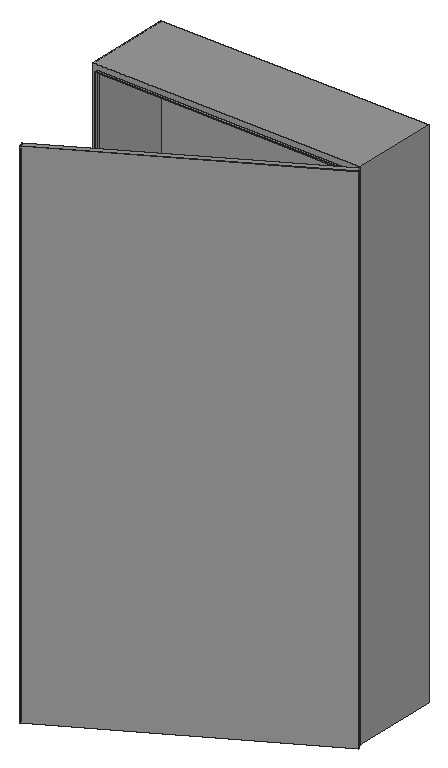
Revit family "Hager-Univers-IP55-D275-H1550-Cl.II-Steel_encl-NoHosted-SE-en", category Equipement électrique, Revit 2020
Family settings
  Configuration du panneau = Deux colonnes, circuits au sein
  Cote de connecteur circulaire = Utiliser le diamètre
  Type d'élément = Tableau de raccordement
  Basée sur le plan de construction = Oui
  Toujours verticalement = Oui
  Couper avec des vides une fois chargée = Non
  Partagée = Non
  Point de calcul de pièce = Non
Parameters (values of type "Surface mounted (plaster) IP55 W800 H1550 D275  - FR03S")
  Width Control [instance] = if([EF000008 - Width] > Min Width, [EF000008 - Width], Min Width)  # 800 mm
  Commentaires du type = [HG000003 - Range]  # "Univers"
  Thickness Door [instance] = if([EF009171 - Material plate thickness door/cover] > 3 mm, 3 mm, [EF009171 - Material plate thickness door/cover])  # 1.5 mm
  Seal Frame Offset [instance] = 17 mm  # constant formula
  Plinth Visibility [instance] = [HG000027 - Plinth height] > 0 mm  # no
  Min Width [instance] = 100 mm  # constant formula
  Min Depth [instance] = (2 * [EF009170 - Material plate thickness cabinet]) + 1 mm  # 4 mm
  Min Height [instance] = 100 mm  # constant formula
  Internal Frame Depth [instance] = (Door System Depth * 0.5)  # 9 mm
  Panel Name [instance] = ""  # (empty or 0)
  Model = ""
  HG000027 - Plinth height = 0 mm
  HG000026 - Floor standing = no
  HG000024 - Bottom section height = 600 mm
  HG000023 - Double section enclosure = no
  HG000016 - Door 3d visibility [instance] = yes
  HG000015 - Clearance visibility [instance] = no
  HG000014 - Door on the right [instance] = yes
  HG000013 - Door on the left [instance] = not([HG000014 - Door on the right])  # no
  HG000012 - Door swing angle [instance] = 30.00°
  HG000010 - Asymmetric doors = no
  HG000009 - Double swing door = no
  HG000006 - Flush mounted = no
  HG000004 - Manufacturer reference = "FR03S"
  HG000003 - Range = "Univers"
  HG000002 - With door or cover = yes
  Frame Offset Bottom [instance] = 10 mm  # constant formula
  Frame Offset [instance] = 15 mm  # constant formula
  EF015940 - Cover with overpressure release = no
  EF011959 - Degree of protection (NEMA) = ""
  EF009554 - Number of openings for flange plates = 6
  EF009212 - Cover model = "EV000116 - Closed"
  EF009171 - Material plate thickness door/cover = 1.5 mm
  EF009170 - Material plate thickness cabinet = 1.5 mm
  EF008873 - Nominal current (In) = 800 A
  EF007800 - Suitable for lightning protection = no
  EF006306 - With lock = no
  EF006244 - Transparent cover/door = no
  EF005474 - Degree of protection (IP) = "EV006420 - IP55"
  EF004464 - Type of door = "EV002646 - Single"
  EF004427 - Number of modules = 360
  EF004293 - Impact strength = "EV008784 - IK10"
  EF003532 - Suitable for outdoor use = no
  EF002950 - Width in number of modular spacings = 24
  EF001613 - Circuit integrity = "EV000494 - None"
  EF001596 - Material housing = "EV000179 - Steel"
  EF001131 - Internal depth = 275 mm
  EF001088 - Extension possible = yes
  EF000437 - Number of conduit inlets = 6
  EF000339 - Type of cover = "EV004216 - Door"
  EF000266 - Number of rows = 10
  EF000218 - Built-in depth = 0 mm
  EF000118 - With mounting plate = no
  EF000116 - RAL-number = "7035"
  EF000049 - Depth = 275 mm
  EF000040 - Height = 1550 mm
  EF000008 - Width = 800 mm
  EF000007 - Colour = "EV000270 - Grey"
  EF000003 - Mounting method = "EV000384 - Surface mounted (plaster)"
  Door System Leaf Tolerance [instance] = 1.5 mm  # constant formula
  Door System Depth [instance] = 18 mm  # constant formula
  Door Height [instance] = Height Control - [HG000027 - Plinth height]  # 1550 mm
  Description = ""
  Default Elevation = 1219.2 mm
  Connector Offset [instance] = Height Control / 2  # 775 mm
  Fabricant = "Hager"  # constant formula
  Height Control [instance] = if([EF000040 - Height] > Min Height, [EF000040 - Height], Min Height)  # 1550 mm
  Depth Control [instance] = if([EF000049 - Depth] > Min Depth, [EF000049 - Depth], Min Depth)  # 275 mm
  Bottom Top Plate Trim [instance] = 1.5 mm  # constant formula
  Plinth height Ctrl [instance] = if([HG000027 - Plinth height] > 0 mm, [HG000027 - Plinth height], 12 mm)  # 12 mm
Types (5, lengths in mm): name | Width Control | HG000010 - Asymmetric doors | HG000009 - Double swing door | HG000004 - Manufacturer reference | EF009554 - Number of openings for flange plates | EF004464 - Type of door | EF004427 - Number of modules | EF000437 - Number of conduit inlets | EF000008 - Width
  Surface mounted (plaster) IP55 W1050 H1550 D275  - FR04S | 1050 | no | yes | "FR04S" | 8 | "EV003602 - Double" | 480 | 8 | 1050
  Surface mounted (plaster) IP55 W1300 H1550 D275  - FR05S | 1300 | yes | yes | "FR05S" | 10 | "EV003602 - Double" | 600 | 10 | 1300
  Surface mounted (plaster) IP55 W300 H1550 D275  - FR01S | 300 | no | no | "FR01S" | 2 | "EV002646 - Single" | 120 | 2 | 300
  Surface mounted (plaster) IP55 W550 H1550 D275  - FR02S | 550 | no | no | "FR02S" | 4 | "EV002646 - Single" | 240 | 4 | 550
  Surface mounted (plaster) IP55 W800 H1550 D275  - FR03S | 800 | no | no | "FR03S" | 6 | "EV002646 - Single" | 360 | 6 | 800
Reference planes
  plane 1 "Center (Front/Back)": y = 0
  plane 2: z = 0
  plane 3 "Center (Left/Right)": x = 0
  plane 4: y = 0
  plane 5: y = 0
  plane 6: z = 0
  plane 7: x = -400
  plane 8: x = 400
  plane 9: x = 398.5
  plane 10: x = -398.5
  plane 11: z = 0
  plane 12: z = 1.5
  plane 13: y = -275
  plane 14: y = -1.5
  plane 15: x = 0
  plane 16: y = -257
  plane 17: y = -273.5
  plane 18: y = -255.5
  plane 19: x = -383.5
  plane 20: x = 383.5
  plane 21: z = 11.5
  plane 22: x = -383
  plane 23: x = 383
  plane 24: z = 0
  plane 25: z = 1550
  plane 26: z = 1550
  plane 27: z = 1533.5
  plane 28: z = 1548.5
Forms (mm)
  Extrusion 1, solid, material "Hager_Steel_RAL7035_Light_Grey", detail levels medium+fine
    sketch origin (-208.679, -4572, 0) x (-1, 0, 0) y (0, -1, 0)
      loop
        line (191.321, -4315) -> (-608.679, -4315) -> (-608.679, -4572) -> (191.321, -4572) -> (191.321, -4315)
    from 0 to 1550
  Extrusion 2, void
    sketch origin (-350.771, -275, 1219.2) x (1, 0, 0) y (0, 0, 1)
      loop
        line (-47.729, 329.3) -> (-47.729, -1217.7) -> (749.271, -1217.7) -> (749.271, 329.3) -> (-47.729, 329.3)
    from -19.5 to -273.5
  Extrusion 3, void
    sketch origin (-290.084, -257, 1219.2) x (1, 0, 0) y (0, 0, 1)
      loop
        line (-93.416, -1207.7) -> (673.584, -1207.7) -> (673.584, 314.3) -> (-93.416, 314.3) -> (-93.416, -1207.7)
    from 0 to -1.5
  Extrusion 4, solid, material "Hager_Steel_RAL7035_Light_Grey", visible <- "Plinth Visibility", detail levels medium+fine
    sketch origin (0, 0, 0) x (1, 0, 0) y (0, 1, 0)
      loop
        line (-400, 0) -> (-400, -257) -> (400, -257) -> (400, 0) -> (-400, 0)
    from 0 to 12 <- "Plinth height Ctrl"
  Extrusion 5, solid, material "Hager_Steel_RAL7035_Light_Grey", detail levels coarse
    sketch origin (0, 0, 0) x (1, 0, 0) y (0, 1, 0)
      loop
        line (-400, 0) -> (-400, -275) -> (400, -275) -> (400, 0) -> (-400, 0)
    from 0 to 1550 <- "Height Control"
  Sweep 6, void
    path in 3D
      loop
        line (-400, -257, 12) -> (400, -257, 12) -> (400, 0, 12) -> (-400, 0, 12) -> (-400, -257, 12)
    profile origin (-400, -128.5, 12) x (1, 0, 0) y (0, 0, 1)
      loop
        line (0, 0) -> (0, -1.5) -> (1.5, -1.5)
        arc (1.5, -1.5) -> (1.061, -0.439) -> (0, 0) r 1.5
  Extrusion 7, solid, material "Hager_Steel_RAL7035_Light_Grey", detail levels fine
    sketch origin (-400, -257, 0) x (1, 0, 0) y (0, 0, 1)
      loop
        line (16.5, 11.5) -> (783.5, 11.5) -> (783.5, 1533.5) -> (16.5, 1533.5) -> (16.5, 11.5)
      loop
        line (15, 10) -> (785, 10) -> (785, 1535) -> (15, 1535) -> (15, 10)
    from 0 to 9 <- "Internal Frame Depth"
Cuts and joins
  Extrusion 2, Extrusion 3 cuts Extrusion 1
  Sweep 6 cuts Extrusion 4
Lines and regions (mm)
  Masking region 1
    outline origin (0, 0, 0) x (1, 0, 0) y (0, 1, 0)
      loop
        line (-400, 0) -> (-400, -275) -> (400, -275) -> (400, 0) -> (-400, 0)
  Masking region 2, detail levels coarse
    outline origin (-290.084, -257, 1219.2) x (-1, 0, 0) y (0, 0, 1)
      loop
        line (-690.084, -1219.2) -> (109.916, -1219.2) -> (109.916, 330.8) -> (-690.084, 330.8) -> (-690.084, -1219.2)
  Masking region 3, detail levels coarse
    outline origin (0, 0, 0) x (0, 1, 0) y (0, 0, 1)
      loop
        line (0, 0) -> (0, 1550) -> (-275, 1550) -> (-275, 0) -> (0, 0)
  Masking region 4, visible <- "Plinth Visibility", detail levels medium+fine
    outline origin (0, 0, 0) x (0, 1, 0) y (0, 0, 1)
      loop
        line (-1.5, 12) -> (-255.5, 12)
        arc (-255.5, 12) -> (-255.939, 10.939) -> (-257, 10.5) r 1.5
        line (-257, 10.5) -> (-257, 0) -> (0, 0) -> (0, 10.5)
        arc (0, 10.5) -> (-1.061, 10.939) -> (-1.5, 12) r 1.5
  Masking region 5, detail levels medium+fine
    outline origin (0, 0, 594.038) x (0, 1, 0) y (0, 0, 1)
      loop
        line (0, -594.038) -> (0, 955.962) -> (-257, 955.962) -> (-257, -594.038) -> (0, -594.038)
  Masking region 6, detail levels medium+fine
    outline origin (-359.7, -257, 1211.883) x (-1, 0, 0) y (0, 0, 1)
      loop
        line (-759.7, -1211.883) -> (40.3, -1211.883) -> (40.3, 338.117) -> (-759.7, 338.117) -> (-759.7, -1211.883)
  Masking region 7, visible <- "Plinth Visibility", detail levels medium+fine
    outline origin (-320.334, -257, 1041.368) x (-1, 0, 0) y (0, 0, 1)
      loop
        line (-720.334, -1041.368) -> (79.666, -1041.368) -> (79.666, -1030.868)
        arc (79.666, -1030.868) -> (78.606, -1030.429) -> (78.166, -1029.368) r 1.5
        line (78.166, -1029.368) -> (-718.834, -1029.368)
        arc (-718.834, -1029.368) -> (-719.273, -1030.429) -> (-720.334, -1030.868) r 1.5
        line (-720.334, -1030.868) -> (-720.334, -1041.368)
  sketch lines
    curve 1: line (-400, 0, 12) -> (-400, -257, 12)
    curve 2: line (-400, -257, 12) -> (400, -257, 12)
    curve 3: line (400, 0, 12) -> (-400, 0, 12)
    curve 4: line (400, -257, 12) -> (400, 0, 12)
Dimensions and locks
  locked: plane 1 "Center (Front/Back)" to plane 5
  "EF009170 - Material plate thickness cabinet": plane 7 to plane 10
  "EF009170 - Material plate thickness cabinet": plane 8 to plane 9
  equal spacing: plane 7, plane 3 "Center (Left/Right)", plane 8
  "Width Control": plane 7 to plane 8
  "Depth Control": plane 4 to plane 13
  "EF009170 - Material plate thickness cabinet": plane 4 to plane 14
  "Height Control": plane 25 to level
  "HG000027 - Plinth height": plane 11 to level
  "EF009170 - Material plate thickness cabinet": plane 12 to plane 11
  "EF009170 - Material plate thickness cabinet": plane 17 to plane 13
  "EF009170 - Material plate thickness cabinet": plane 18 to plane 16
  "Frame Offset Bottom": plane 21 to plane 12
  "Frame Offset": plane 10 to plane 19
  "Frame Offset": plane 9 to plane 20
  "Door System Depth": plane 16 to plane 13
  "Seal Frame Offset": plane 7 to plane 22
  "Seal Frame Offset": plane 8 to plane 23
  "EF009170 - Material plate thickness cabinet": plane 26 to plane 28
  "Frame Offset": plane 28 to plane 27
  "Connector Offset": plane 2 to connector elem
  "Bottom Top Plate Trim": profile plane to Sweep 6 sketch curve
  "Bottom Top Plate Trim": Sweep 6 sketch curve to Sweep 6 sketch curve
  "Plinth height Ctrl": Masking region 4 sketch curve to level
  "Plinth height Ctrl": Masking region 7 sketch curve to level
  "Thickness Door": Extrusion 7 sketch curve to Extrusion 7 sketch curve  (x4)
  "Bottom Top Plate Trim": radius of Sweep 6 sketch curve
  "Bottom Top Plate Trim": radius of Masking region 4 sketch curve  (x2)
  "Bottom Top Plate Trim": radius of Masking region 7 sketch curve  (x2)
  aligned and locked: Extrusion 2 sketch curve to plane 12
  aligned and locked: Extrusion 2 sketch curve to plane 9
  aligned and locked: Extrusion 2 sketch curve to plane 10
  aligned and locked: Extrusion 2 to plane 14
  aligned and locked: Extrusion 1 sketch curve to plane 4
  aligned and locked: plane 8 to Extrusion 1 sketch curve
  aligned and locked: plane 7 to Extrusion 1 sketch curve
  aligned and locked: Extrusion 2 to plane 18
  aligned and locked: Extrusion 3 sketch curve to plane 19
  aligned and locked: plane 20 to Extrusion 3 sketch curve
  aligned and locked: Extrusion 3 to Extrusion 2
  aligned and locked: Extrusion 3 sketch curve to plane 21
  aligned and locked: plane 3 "Center (Left/Right)" to nested 1
  aligned and locked: Extrusion 1 sketch curve to plane 16
  aligned and locked: Extrusion 4 sketch curve to cut or joined group of Extrusion 1, Extrusion 2, Extrusion 3
  aligned and locked: Masking region 1 sketch curve to plane 7
  aligned and locked: Masking region 1 sketch curve to plane 5
  aligned and locked: Masking region 1 sketch curve to plane 8
  aligned and locked: Masking region 2 sketch curve to level
  aligned and locked: level to Masking region 3 sketch curve
  aligned and locked: plane 1 "Center (Front/Back)" to Masking region 3 sketch curve
  aligned and locked: plane 13 to Masking region 3 sketch curve
  aligned and locked: plane 5 to Masking region 4 sketch curve
  aligned and locked: Masking region 2 sketch curve to plane 8
  aligned and locked: Masking region 2 sketch curve to plane 7
  aligned and locked: plane 7 to nested 2
  aligned and locked: nested 2 to plane 5
  aligned and locked: plane 5 to Masking region 5 sketch curve
  aligned and locked: plane 26 to Masking region 5 sketch curve
  aligned and locked: Extrusion 5 sketch curve to plane 8
  aligned and locked: Extrusion 5 sketch curve to plane 7
  aligned and locked: Extrusion 5 sketch curve to plane 5
  aligned and locked: Extrusion 3 sketch curve to plane 27
  aligned and locked: Extrusion 2 sketch curve to plane 28
  aligned and locked: Masking region 2 to plane 25
  aligned and locked: Extrusion 4 to plane 16
  aligned and locked: profile plane to Sweep 6 sketch curve
  aligned and locked: Masking region 5 sketch curve to plane 24
  aligned and locked: level to Masking region 4 sketch curve
  aligned and locked: Masking region 1 to plane 13
  aligned and locked: nested 1 to plane 16
  aligned and locked: Masking region 3 to plane 25
  aligned and locked: plane 16 to Masking region 4 sketch curve
  aligned and locked: Masking region 5 sketch curve to plane 16
  aligned and locked: plane 24 to plane 11
  aligned and locked: plane 26 to plane 25
  aligned and locked: plane 26 to cut or joined group of Extrusion 1, Extrusion 2, Extrusion 3
  aligned and locked: nested 1 to plane 24
  aligned and locked: Extrusion 1 to Extrusion 3
  aligned and locked: Masking region 6 sketch curve to plane 8
  aligned and locked: Masking region 6 sketch curve to plane 24
  aligned and locked: Masking region 6 sketch curve to plane 7
  aligned and locked: Masking region 6 sketch curve to plane 26
  aligned and locked: Masking region 7 sketch curve to plane 7
  aligned and locked: level to Masking region 7 sketch curve
  aligned and locked: Masking region 7 sketch curve to plane 8
  aligned and locked: Extrusion 7 sketch curve to cut or joined group of Extrusion 1, Extrusion 2, Extrusion 3  (x4)
Automatic sketch dimensions
  plane 19 to Extrusion 3 sketch curve = 0 mm
  Extrusion 3 sketch curve to plane 20 = 0 mm
  Extrusion 3 sketch curve to plane 21 = 0 mm
  Extrusion 4 sketch curve to plane 7 = 0 mm
  Extrusion 4 sketch curve to plane 8 = 0 mm
  Extrusion 4 sketch curve to plane 16 = 0 mm
  Masking region 1 sketch curve to plane 13 = 0 mm
  Masking region 2 sketch curve to plane 25 = 0 mm
  Masking region 3 sketch curve to plane 25 = 0 mm
  Extrusion 5 sketch curve to plane 13 = 0 mm
  profile plane to Sweep 6 sketch curve = 0 mm
Nested families
  nested 1: "EC000058_Univers_Door" at (0, -257, 0), Double <- "HG000009 - Double swing door", Transparent <- "EF006244 - Transparent cover/door", Angle <- "HG000012 - Door swing angle", Door_Right <- "HG000014 - Door on the right", Assymetrical <- "HG000010 - Asymmetric doors", Door <- "HG000002 - With door or cover", Width_Ctrl <- "Width Control", 3d_Door <- "HG000016 - Door 3d visibility", Clearance <- "HG000015 - Clearance visibility", Door_Left <- "HG000013 - Door on the left", Width <- "Width Control", Door_Depth <- "Door System Depth", Leaf_Tolerance <- "Door System Leaf Tolerance", Height <- "Door Height", Lock_Visibility <- "EF006306 - With lock", Thickness <- "Thickness Door", type "EC000058_Univers_Door", detail levels medium+fine
    with min_wh 4 mm, Width_Ctrl 800 mm, Width 800 mm, Transparent no, Thickness 1.5 mm, Seal_Material Hager_Rubber, Lock_Visibility no, Lock_Material Hager_Plastic_RAL9005_Jet_Black, Leaf_Width 800 mm, Leaf_Tolerance_External_Sides 0 mm, Leaf_Tolerance 1.5 mm, Leaf_Offset 0 mm, Leaf_Height 1547 mm, Leaf_2_Width 800 mm, Leaf_2_Offset 400 mm, Leaf_1_Width 800 mm, Leaf_1_Offset 400 mm, Height_Ctrl 1550 mm, Height 1550 mm, Glass_Material Hager_Glass, Double_Clearance_Ctrl no, Double no, Door_Right_Ctrl yes, Door_Right yes, Door_Material Hager_Steel_RAL7035_Light_Grey, Door_Left_Ctrl no, Door_Left no, Door_Depth 18 mm, Door yes, Clearance_Material Hager_Clearance, Clearance_Depth 800 mm, Clearance_Ctrl no, Clearance no, Assymetrical no, Angle 30.00°, 3d_Door yes
  nested 2: "Hager_Enclosure_Symbol" at (-400, 0, 0), Height <- "Depth Control", Width <- "Width Control", type "Hager_Enclosure_Symbol"
    with Width_Ctrl 800 mm, Width 800 mm, Height_Ctrl 275 mm, Height 275 mm, A_Width_Int 18.047 mm, A_Width 216.562 mm, A_Height_Ctrl 240.625 mm, A_Height 240.625 mm
Connectors
  electrical at (0, 0, 775)
    settings: on plane 1 "Center (Front/Back)", index 1, voltage 0 V, apparent load 0 VA, apparent load phase1 0 VA, apparent load phase2 0 VA, apparent load phase3 0 VA, power factor 1, load classification "Other", number of poles 1, system type 30, power factor state 1, is connector primary yes, connector utility no, sub classification motor no, connector description ""
Definition of nested family "EC000058_Univers_Door"
  Parameters (values of type "EC000058_Univers_Door")
    min_wh [instance] = (2 * Thickness) + 1 mm  # 11 mm
    Width_Ctrl [instance] = 400 mm
    Width [instance] = 500 mm
    Transparent [instance] = yes
    Thickness [instance] = 5 mm
    Seal_Material [instance] = none
    Lock_Visibility [instance] = yes
    Lock_Material [instance] = none
    Leaf_Width [instance] = if((Width_Ctrl - 2 * Leaf_Tolerance_External_Sides) > 0 mm, (Width_Ctrl - 2 * Leaf_Tolerance_External_Sides), min_wh)  # 400 mm
    Leaf_Tolerance_External_Sides [instance] = 0 mm  # constant formula
    Leaf_Tolerance [instance] = 1.5 mm
    Leaf_Offset [instance] = 0 mm  # constant formula
    Leaf_Height [instance] = if((Height_Ctrl - 2 * Leaf_Tolerance) > 0 mm, (Height_Ctrl - 2 * Leaf_Tolerance), min_wh)  # 497 mm
    Leaf_2_Width [instance] = if(and(and(Double, Assymetrical), Door_Left), (Leaf_Width / 3) - (Leaf_Tolerance / 2), if(and(and(Double, Assymetrical), Door_Right), (Leaf_Width / 3) * 2 - (Leaf_Tolerance / 2), if(and(Double, not(Assymetrical)), (Leaf_Width / 2) - Leaf_Tolerance, Leaf_Width)))  # 400 mm
    Leaf_2_Offset [instance] = if(and(Double, Assymetrical), Leaf_2_Width / 2, if(and(Double, not(Assymetrical)), Leaf_Width / 4, Leaf_Width / 2))  # 200 mm
    Leaf_1_Width [instance] = if(and(and(Double, Assymetrical), Door_Right), (Leaf_Width / 3) - (Leaf_Tolerance / 2), if(and(and(Double, Assymetrical), Door_Left), (Width / 3) * 2 - (Leaf_Tolerance / 2), if(and(Double, not(Assymetrical)), (Leaf_Width / 2) - Leaf_Tolerance, Leaf_Width)))  # 400 mm
    Leaf_1_Offset [instance] = if(and(Double, Assymetrical), Leaf_1_Width / 2, if(and(Double, not(Assymetrical)), Leaf_Width / 4, Leaf_Width / 2))  # 200 mm
    Height_Ctrl [instance] = if(Height > min_wh, Height, min_wh)  # 500 mm
    Height [instance] = 500 mm
    Glass_Material [instance] = none
    Double_Clearance_Ctrl [instance] = and(Double, Clearance)  # no
    Double [instance] = no
    Door_Right_Ctrl [instance] = and(or(Door_Right, Double), Door)  # yes
    Door_Right [instance] = yes
    Door_Material [instance] = none
    Door_Left_Ctrl [instance] = and(or(Door_Left, Double), Door)  # no
    Door_Left [instance] = no
    Door_Depth [instance] = 30 mm
    Door [instance] = yes
    Default Elevation = 1219.2 mm
    Clearance_Material [instance] = none
    Clearance_Depth [instance] = if(Leaf_1_Width > Leaf_2_Width, Leaf_1_Width, Leaf_2_Width)  # 400 mm
    Clearance_Ctrl [instance] = and(not(Double), Clearance)  # yes
    Clearance [instance] = yes
    Assymetrical [instance] = yes
    Angle [instance] = 30.00°
    3d_Door [instance] = yes
  Reference planes
    plane 1 "Center (Front/Back)": y = 0
    plane 2 "Bottom": z = 0
    plane 3 "Center (Left/Right)": x = 0
    plane 4: z = 500
    plane 5: x = -200
    plane 6: x = 200
    plane 7: z = 500
    plane 8: x = -200
    plane 9: z = 0
    plane 10: x = 200
    plane 11: y = 0
    plane 12: z = 1.5
    plane 13: x = -600
    plane 14: y = -400
    plane 15: x = 600
    plane 16: x = 0
    plane 17: x = 0
    plane 18: x = -200
    plane 19: x = 200
    plane 20: z = 498.5
  Forms (mm)
    Extrusion 1, solid, material <- "Clearance_Material", visible <- "Double_Clearance_Ctrl"
      sketch origin (1200, 0, 0) x (1, 0, 0) y (0, 0, -1)
        loop
          line (-1800, -498.5) -> (-600, -498.5) -> (-600, 0) -> (-1800, 0) -> (-1800, -498.5)
      from 0 to -400
  Dimensions and locks
    equal spacing: plane 5, plane 3 "Center (Left/Right)", plane 6
    "Width_Ctrl": plane 5 to plane 6
    "Leaf_Offset": plane 5 to plane 8
    "Leaf_Offset": plane 6 to plane 10
    "Leaf_Offset": plane 9 to level
    "Leaf_Offset": plane 4 to plane 7
    "Height_Ctrl": plane 4 to level
    "Leaf_Tolerance": plane 12 to plane 9
    locked: plane 11 to plane 1 "Center (Front/Back)"
    "Leaf_1_Offset": plane 18 to plane 16
    "Leaf_2_Offset": plane 17 to plane 19
    "Leaf_1_Width": plane 13 to plane 8
    "Leaf_2_Width": plane 10 to plane 15
    "Clearance_Depth": plane 14 to plane 1 "Center (Front/Back)"
    "Leaf_Tolerance_External_Sides": plane 8 to plane 18
    "Leaf_Tolerance_External_Sides": plane 19 to plane 10
    "Leaf_Tolerance": plane 7 to plane 20
    aligned and locked: level to plane 2 "Bottom"
    aligned and locked: nested 1 to plane 16
    aligned and locked: nested 2 to plane 17
    aligned and locked: Extrusion 1 to plane 13
    aligned and locked: plane 15 to Extrusion 1
    aligned and locked: Extrusion 1 to plane 14
    aligned and locked: plane 12 to nested 1
    aligned and locked: nested 2 to plane 12
    aligned and locked: Extrusion 1 to plane 11
    aligned and locked: plane 20 to Extrusion 1
    aligned and locked: nested 2 to plane 11
    aligned and locked: nested 1 to plane 11
  Automatic sketch dimensions
    Extrusion 1 sketch curve to level = 0 mm
    plane 5 to Extrusion 1 sketch curve = 400 mm
    plane 6 to Extrusion 1 sketch curve = 400 mm
    Extrusion 1 sketch curve to plane 4 = 1.5 mm
  Nested families
    nested 1: "EC000058_Univers_Door_Leaf" at (0, 0, 1.5), Width <- "Leaf_1_Width", visible <- "Door_Left_Ctrl", Leaf_Height <- "Leaf_Height", Angle <- "Angle", 3d_Door <- "3d_Door", Transparent <- "Transparent", Clearance Material <- "Clearance_Material", Clearance <- "Clearance_Ctrl", Door_Material <- "Door_Material", Glass_Material <- "Glass_Material", Door_Depth <- "Door_Depth", Lock_Material <- "Lock_Material", Seal_Material <- "Seal_Material", Lock_Visibility <- "Lock_Visibility", Thickness <- "Thickness", type "EC000058_Univers_Door_Leaf"
      with Width 400 mm, Transparent_Glass_Offset 30 mm, Transparent_Ctrl yes, Transparent yes, Thickness 5 mm, Standard no, Seal_Material none, Seal_D2 8 mm, Seal_D1 1 mm, Offset_Internal_Frame 10 mm, Lock_Width 20 mm, Lock_Visibility_3d yes, Lock_Visibility yes, Lock_Thickness_3 3 mm, Lock_Thickness_2 1 mm, Lock_Thickness_1 3 mm, Lock_Radius_Offset_2 16 mm, Lock_Radius_Offset_1 15 mm, Lock_Radius_2 5 mm, Lock_Radius 6 mm, Lock_Offset 5 mm, Lock_Material none, Lock_Height 80 mm, Lock_Cover_Top_Offset_2d 17 mm, Lock_Cover_Height -65 mm, Leaf_Height 497 mm, Internal_Seal_Thickness 8 mm, Internal_Seal_Depth_2 4.5 mm, Internal_Frame_Depth 25 mm, Glass_Thickness -1 mm, Glass_Offset -2 mm, Glass_Material none, Door_Material none, Door_Depth 30 mm, Clearance Material none, Clearance yes, Angle_Ctrl 30.00°, Angle 30.00°, 3d_Door yes
    nested 2: "EC000058_Univers_Door_Leaf" at (0, 0, 1.5) x (-1, 0, 0) z (0, 0, 1), Width <- "Leaf_2_Width", visible <- "Door_Right_Ctrl", Leaf_Height <- "Leaf_Height", Angle <- "Angle", 3d_Door <- "3d_Door", Transparent <- "Transparent", Clearance Material <- "Clearance_Material", Clearance <- "Clearance_Ctrl", Door_Material <- "Door_Material", Glass_Material <- "Glass_Material", Door_Depth <- "Door_Depth", Lock_Material <- "Lock_Material", Seal_Material <- "Seal_Material", Lock_Visibility <- "Lock_Visibility", Thickness <- "Thickness", type "EC000058_Univers_Door_Leaf"
      with Width 400 mm, Transparent_Glass_Offset 30 mm, Transparent_Ctrl yes, Transparent yes, Thickness 5 mm, Standard no, Seal_Material none, Seal_D2 8 mm, Seal_D1 1 mm, Offset_Internal_Frame 10 mm, Lock_Width 20 mm, Lock_Visibility_3d yes, Lock_Visibility yes, Lock_Thickness_3 3 mm, Lock_Thickness_2 1 mm, Lock_Thickness_1 3 mm, Lock_Radius_Offset_2 16 mm, Lock_Radius_Offset_1 15 mm, Lock_Radius_2 5 mm, Lock_Radius 6 mm, Lock_Offset 5 mm, Lock_Material none, Lock_Height 80 mm, Lock_Cover_Top_Offset_2d 17 mm, Lock_Cover_Height -65 mm, Leaf_Height 497 mm, Internal_Seal_Thickness 8 mm, Internal_Seal_Depth_2 4.5 mm, Internal_Frame_Depth 25 mm, Glass_Thickness -1 mm, Glass_Offset -2 mm, Glass_Material none, Door_Material none, Door_Depth 30 mm, Clearance Material none, Clearance yes, Angle_Ctrl 30.00°, Angle 30.00°, 3d_Door yes
  Definition of nested family "EC000058_Univers_Door_Leaf"
    Parameters (values of type "EC000058_Univers_Door_Leaf")
      Width [instance] = 2000 mm
      Transparent_Glass_Offset [instance] = 30 mm
      Transparent_Ctrl [instance] = and(Transparent, [3d_Door])  # yes
      Transparent [instance] = yes
      Thickness [instance] = 5 mm
      Standard [instance] = and(not(Transparent), [3d_Door])  # no
      Seal_Material [instance] = none
      Seal_D2 [instance] = 8 mm  # constant formula
      Seal_D1 [instance] = 1 mm  # constant formula
      Offset_Internal_Frame [instance] = 10 mm  # constant formula
      Lock_Width [instance] = 20 mm  # constant formula
      Lock_Visibility_3d [instance] = and(Lock_Visibility, [3d_Door])  # yes
      Lock_Visibility [instance] = yes
      Lock_Thickness_3 [instance] = 3 mm  # constant formula
      Lock_Thickness_2 [instance] = 1 mm  # constant formula
      Lock_Thickness_1 [instance] = 3 mm  # constant formula
      Lock_Radius_Offset_2 [instance] = Lock_Radius_Offset_1 + 1 mm  # 16 mm
      Lock_Radius_Offset_1 [instance] = 15 mm  # constant formula
      Lock_Radius_2 [instance] = Lock_Radius - 1 mm  # 5 mm
      Lock_Radius [instance] = 6 mm  # constant formula
      Lock_Offset [instance] = 5 mm  # constant formula
      Lock_Material [instance] = none
      Lock_Height [instance] = 80 mm  # constant formula
      Lock_Cover_Top_Offset_2d [instance] = Lock_Radius_Offset_2 + 1 mm  # 17 mm
      Lock_Cover_Height [instance] = -(Lock_Height - Lock_Radius_Offset_1)  # -65 mm
      Leaf_Height [instance] = 2720.336 mm
      Internal_Seal_Thickness [instance] = 8 mm  # constant formula
      Internal_Seal_Depth_2 [instance] = 4.5 mm  # constant formula
      Internal_Frame_Depth [instance] = if(Door_Depth - Thickness > 5 mm, Door_Depth - Thickness, 5 mm)  # 25 mm
      Glass_Thickness [instance] = if(Thickness > 15 mm, Glass_Offset + 10 mm, -1 mm)  # -1 mm
      Glass_Offset [instance] = if(Thickness > 15 mm, -(Thickness + 10 mm) / 2, -2 mm)  # -2 mm
      Glass_Material [instance] = none
      Door_Material [instance] = none
      Door_Depth [instance] = 30 mm
      Default Elevation = 0 mm
      Clearance Material [instance] = none
      Clearance [instance] = yes
      Angle_Ctrl [instance] = if(Angle > 180.00°, 180.00°, Angle)  # 90.00°
      Angle [instance] = 90.00°
      3d_Door [instance] = yes
    Reference planes
      plane 1 "Center (Front/Back)": y = 0
      plane 2: z = 0
      plane 3 "Center (Left/Right)": x = 0
      plane 4: y = 2000
      plane 5: x = -1000
      plane 6: x = 1000
      plane 7: x = -3000
      plane 8: z = 2720.336
      plane 9: z = 30
      plane 10: z = 2690.336
      plane 11: x = 970
      plane 12: x = -970
      plane 13: y = -3
      plane 14: z = 107.833
      plane 15: y = -5
      plane 16: y = -223.314
      plane 17: x = -1000
      plane 18: z = 1360.168
      plane 19: y = 30
    Forms (mm)
      Extrusion 1, solid, material <- "Clearance Material", visible <- "Clearance"
        sketch origin (0, 0, 0) x (1, 0, 0) y (0, 0, 1)
          loop
            line (-3000, 2720.336) -> (-3000, 0) -> (1000, 0) -> (1000, 2720.336) -> (-3000, 2720.336)
        from 0 to -2000
      Extrusion 2, solid, material <- "Door_Material", visible <- "Standard", detail levels medium+fine
        sketch origin (-1000, 0, 0) x (0, 1, 0) y (-1, 0, 0)
          loop
            line (0, 30) -> (0, 25) -> (2000, 25) -> (2000, 30) -> (0, 30)
        from 0 to 2720.336 <- "Leaf_Height"
      Extrusion 3, solid, material <- "Door_Material", visible <- "Transparent_Ctrl", detail levels medium+fine
        sketch origin (-1000, 0, 0) x (0, 1, 0) y (-1, 0, 0)
          loop
            line (0, 25) -> (2000, 25) -> (2000, 30) -> (0, 30) -> (0, 25)
        from 0 to 2720.336 <- "Leaf_Height"
      Extrusion 4, void
        sketch origin (-1025, 2000, 0) x (0, 1, 0) y (0, 0, -1)
          loop
            line (-30, -2690.336) -> (-30, -30) -> (-1970, -30) -> (-1970, -2690.336) -> (-30, -2690.336)
        from 0 to 5 <- "Thickness"
      Sweep 5, solid, material <- "Seal_Material", visible <- "Transparent_Ctrl", detail levels fine
        path in 3D
          loop
            line (-1025, 30, 30) -> (-1025, 30, 2690.336) -> (-1025, 1970, 2690.336) -> (-1025, 1970, 30) -> (-1025, 30, 30)
        profile origin (-1025, 1000, 30) x (1, 0, 0) y (0, 0, 1)
          loop
            line (0, 0) -> (0, -8) -> (1, -8) -> (1, 0) -> (0, 0)
      Extrusion 6, solid, material <- "Glass_Material", visible <- "Transparent_Ctrl", detail levels medium+fine
        sketch origin (-1030, 0, 0) x (0, 1, 0) y (0, 0, -1)
          loop
            line (1970, -2690.336) -> (1970, -30) -> (30, -30) -> (30, -2690.336) -> (1970, -2690.336)
        from -2 <- "Glass_Offset" to -1 <- "Glass_Thickness"
      Extrusion 7, solid, material <- "Door_Material", visible <- "3d_Door", detail levels medium+fine
        sketch origin (-1025, 2000, 0) x (0, -1, 0) y (0, 0, -1)
          loop
            line (0, -2720.336) -> (2000, -2720.336) -> (2000, 0) -> (0, 0) -> (0, -2720.336)
          loop
            line (1995, -5) -> (5, -5) -> (5, -2715.336) -> (1995, -2715.336) -> (1995, -5)
        from 0 to 25 <- "Internal_Frame_Depth"
      Sweep 8, solid, material <- "Seal_Material", visible <- "Transparent_Ctrl", detail levels fine
        path in 3D
          loop
            line (-1025, 0, 0) -> (-1025, 2000, 0) -> (-1025, 2000, 2720.336) -> (-1025, 0, 2720.336) -> (-1025, 0, 0)
        profile origin (-1025, 0, 1360.168) x (1, 0, 0) y (0, 1, 0)
          loop
            line (0, 10) -> (2.975, 10)
            arc (2.975, 10) -> (4.053, 10.447) -> (4.5, 11.525) r 1.525
            line (4.5, 11.525) -> (4.5, 16.527)
            arc (4.5, 16.527) -> (4.069, 17.569) -> (3.027, 18) r 1.473
            line (3.027, 18) -> (0, 18) -> (0, 10)
      Extrusion 9, solid, material <- "Lock_Material", visible <- "Lock_Visibility_3d", detail levels fine
        sketch origin (-1030, 0, 0) x (0, 1, 0) y (0, 0, -1)
          loop
            arc (1993.5, -1400.168) -> (1994.561, -1399.729) -> (1995, -1398.668) r 1.5
            line (1995, -1398.668) -> (1995, -1320.168) -> (1975, -1320.168) -> (1975, -1398.668)
            arc (1975, -1398.668) -> (1975.439, -1399.729) -> (1976.5, -1400.168) r 1.5
            line (1976.5, -1400.168) -> (1993.5, -1400.168)
        from 3 <- "Lock_Thickness_1" to 0
      Blend 10, solid, material <- "Lock_Material", visible <- "Lock_Visibility_3d", detail levels fine
        base sketch origin (-1033, 0, 0) x (0, 1, 0) y (0, 0, -1)
          loop
            line (1975, -1320.168) -> (1975, -1398.668)
            arc (1975, -1398.668) -> (1975.439, -1399.729) -> (1976.5, -1400.168) r 1.5
            line (1976.5, -1400.168) -> (1993.5, -1400.168)
            arc (1993.5, -1400.168) -> (1994.561, -1399.729) -> (1995, -1398.668) r 1.5
            line (1995, -1398.668) -> (1995, -1320.168) -> (1975, -1320.168)
        top sketch origin (-1033, 0, 0) x (0, 1, 0) y (0, 0, -1)
          loop
            line (1976, -1320.168) -> (1976, -1398.668)
            arc (1976, -1398.668) -> (1976.146, -1399.022) -> (1976.5, -1399.168) r 0.5
            line (1976.5, -1399.168) -> (1993.5, -1399.168)
            arc (1993.5, -1399.168) -> (1993.854, -1399.022) -> (1994, -1398.668) r 0.5
            line (1994, -1398.668) -> (1994, -1320.168) -> (1976, -1320.168)
        from 0 to 1 <- "Lock_Thickness_2"
      Blend 11, solid, material <- "Lock_Material", visible <- "Lock_Visibility_3d", detail levels fine
        base sketch origin (-1034, 0, 0) x (0, 1, 0) y (0, 0, -1)
          loop
            line (1978, -1320.168) -> (1978, -1384.168)
            arc (1978, -1384.168) -> (1985, -1391.168) -> (1992, -1384.168) r 7
            line (1992, -1384.168) -> (1992, -1320.168) -> (1978, -1320.168)
        top sketch origin (-1034, 0, 0) x (0, 1, 0) y (0, 0, -1)
          loop
            line (1991, -1320.168) -> (1979, -1320.168) -> (1979, -1383.168)
            arc (1979, -1383.168) -> (1985, -1389.168) -> (1991, -1383.168) r 6
            line (1991, -1383.168) -> (1991, -1320.168)
        from 0 to 3 <- "Lock_Thickness_3"
      Extrusion 12, solid, material <- "Lock_Material", visible <- "Lock_Visibility_3d", detail levels fine
        sketch origin (-1030, 1975, 1320.168) x (1, 0, 0) y (0, -1, 0)
          loop
            line (-7, -19) -> (-7, -1) -> (0, -1) -> (0, 0) -> (-8, 0) -> (-8, -20) -> (0, -20) -> (0, -19) -> (-7, -19)
        from 0 to -65 <- "Lock_Cover_Height"
      Extrusion 13, void
        sketch origin (-1038, 1995, 1320.168) x (-1, 0, 0) y (0, 0, -1)
          loop
            line (-5, -65) -> (0, -65) -> (-5, -60) -> (-5, -65)
        from 0 to 20 <- "Lock_Width"
      Extrusion 14, void
        sketch origin (-1038, 1975, 1320.168) x (0, -1, 0) y (0, 0, -1)
          loop
            circle (-10, -15.995) r 6
          loop
            circle (-10, -15.995) r 5
        from 0 to 2
      Extrusion 15, solid, material <- "Lock_Material", visible <- "Lock_Visibility_3d", detail levels medium
        sketch origin (-1030, 0, 0) x (0, 1, 0) y (0, 0, -1)
          loop
            arc (1993.5, -1400.168) -> (1994.561, -1399.729) -> (1995, -1398.668) r 1.5
            line (1995, -1398.668) -> (1995, -1320.168) -> (1975, -1320.168) -> (1975, -1398.668)
            arc (1975, -1398.668) -> (1975.439, -1399.729) -> (1976.5, -1400.168) r 1.5
            line (1976.5, -1400.168) -> (1993.5, -1400.168)
        from 8 to 0
    Cuts and joins
      Extrusion 4 cuts Extrusion 3
      Extrusion 13, Extrusion 14 cuts Extrusion 9
      Extrusion 14 cuts Blend 11
      Extrusion 13, Extrusion 14 cuts Extrusion 12
      joined: Extrusion 9, Blend 10, Blend 11, Extrusion 12
      Extrusion 14 cuts Extrusion 15
    Lines and regions (mm)
      Masking region 1, visible <- "Lock_Visibility", detail levels fine
        outline origin (0, 0, 0) x (0, 1, 0) y (0, 0, 1)
          loop
            line (30, 1320.168) -> (33, 1320.168) -> (33, 1400.168) -> (30, 1400.168) -> (30, 1320.168)
      Masking region 2, visible <- "Lock_Visibility", detail levels fine
        outline origin (0, 3.143, 0) x (0, 1, 0) y (0, 0, 1)
          loop
            line (29.857, 1354.168) -> (30.857, 1354.168) -> (30.857, 1366.168) -> (29.857, 1366.168) -> (29.857, 1354.168)
      Masking region 3, detail levels medium+fine
        outline origin (0, 0, 0) x (0, 1, 0) y (0, 0, 1)
          loop
            line (0, 0) -> (30, 0) -> (30, 2720.336) -> (0, 2720.336) -> (0, 0)
      Masking region 4, detail levels medium+fine
        outline origin (0, 0, 0) x (1, 0, 0) y (0, 0, 1)
          loop
            line (-1000, 2720.336) -> (-1000, 0) -> (1000, 0) -> (1000, 2720.336) -> (-1000, 2720.336)
      Masking region 5, visible <- "Lock_Visibility", detail levels fine
        outline origin (-47.116, 0, 0) x (1, 0, 0) y (0, 0, 1)
          loop
            arc (1024.616, 1399.168) -> (1023.556, 1398.729) -> (1023.116, 1397.668) r 1.5
            line (1023.116, 1397.668) -> (1023.116, 1320.168) -> (1041.116, 1320.168) -> (1041.116, 1397.668)
            arc (1041.116, 1397.668) -> (1040.677, 1398.729) -> (1039.616, 1399.168) r 1.5
            line (1039.616, 1399.168) -> (1024.616, 1399.168)
      Masking region 6, visible <- "Lock_Visibility", detail levels medium+fine
        outline origin (-25, 0, 0) x (1, 0, 0) y (0, 0, 1)
          loop
            arc (1001.5, 1400.168) -> (1000.439, 1399.729) -> (1000, 1398.668) r 1.5
            line (1000, 1398.668) -> (1000, 1320.168) -> (1020, 1320.168) -> (1020, 1398.668)
            arc (1020, 1398.668) -> (1019.561, 1399.729) -> (1018.5, 1400.168) r 1.5
            line (1018.5, 1400.168) -> (1001.5, 1400.168)
      Masking region 7, visible <- "Lock_Visibility", detail levels fine
        outline origin (-73.735, 0, 0) x (1, 0, 0) y (0, 0, 1)
          loop
            line (1051.735, 1382.168) -> (1065.735, 1382.168) -> (1065.735, 1384.168)
            arc (1065.735, 1384.168) -> (1058.735, 1391.168) -> (1051.735, 1384.168) r 7
            line (1051.735, 1384.168) -> (1051.735, 1382.168)
      Masking region 8, visible <- "Lock_Visibility", detail levels fine
        outline origin (-73.735, 0, 0) x (1, 0, 0) y (0, 0, 1)
          loop
            line (1052.735, 1382.168) -> (1064.735, 1382.168) -> (1064.735, 1383.168)
            arc (1064.735, 1383.168) -> (1058.735, 1389.168) -> (1052.735, 1383.168) r 6
            line (1052.735, 1383.168) -> (1052.735, 1382.168)
      Masking region 9, visible <- "Lock_Visibility", detail levels fine
        outline origin (-25, 0, 0) x (1, 0, 0) y (0, 0, 1)
          loop
            line (1020, 1320.168) -> (1020, 1382.168) -> (1000, 1382.168) -> (1000, 1320.168) -> (1020, 1320.168)
      Masking region 10, detail levels medium+fine
        outline origin (0, 0, 0) x (1, 0, 0) y (0, 0, 1)
          loop
            circle (985, 1335.144) r 6
      Masking region 11, detail levels fine
        outline origin (0, 0, 0) x (1, 0, 0) y (0, 0, 1)
          loop
            circle (985, 1335.144) r 5
      Masking region 12, visible <- "Lock_Visibility", detail levels fine
        outline origin (0, 12.767, 0) x (0, 1, 0) y (0, 0, 1)
          loop
            line (20.233, 1320.168) -> (21.233, 1320.168) -> (21.233, 1399.168) -> (20.233, 1400.168) -> (20.233, 1320.168)
      Masking region 13, visible <- "Lock_Visibility", detail levels fine
        outline origin (0, 13.767, -10) x (0, 1, 0) y (0, 0, 1)
          loop
            line (20.233, 1330.168) -> (23.233, 1330.168) -> (23.233, 1399.168) -> (20.233, 1402.168) -> (20.233, 1330.168)
      Masking region 14, visible <- "Lock_Visibility", detail levels fine
        outline origin (0, 12.767, -10) x (0, 1, 0) y (0, 0, 1)
          loop
            line (20.233, 1330.168) -> (25.233, 1330.168) -> (25.233, 1399.305) -> (20.233, 1394.305) -> (20.233, 1330.168)
      Masking region 15, visible <- "Lock_Visibility", detail levels medium
        outline origin (0, 0, 0) x (0, 1, 0) y (0, 0, 1)
          loop
            line (30, 1320.168) -> (38, 1320.168) -> (38, 1400.168) -> (30, 1400.168) -> (30, 1320.168)
      Masking region 16, visible <- "Lock_Visibility", detail levels fine
        outline origin (-1000, 0, 0) x (0, 1, 0) y (-1, 0, 0)
          loop
            line (1975, 30) -> (1995, 30) -> (1995, 38) -> (1975, 38) -> (1975, 30)
          loop
            line (1979, 37) -> (1976, 37) -> (1976, 34) -> (1978, 34) -> (1979, 37)
          loop
            line (1994, 37) -> (1991, 37) -> (1992, 34) -> (1994, 34) -> (1994, 37)
      Masking region 17, visible <- "Lock_Visibility", detail levels medium
        outline origin (-1000, 0, 0) x (0, 1, 0) y (-1, 0, 0)
          loop
            line (1975, 30) -> (1995, 30) -> (1995, 38) -> (1975, 38) -> (1975, 30)
      symbolic lines
        curve 1: line (1000, 0, 0) -> (-3000, 0, 0)
        curve 2: arc (1000, 0, 0) -> (-1000, 2000, 0) -> (-3000, 0, 0) r 2000
        curve 4: line (-1030, 0, 0) -> (-1030, 2000, 0)
      reference lines
        curve 3: line (-1000, 0, 0) -> (-1000, 2000, 0)
      symbolic lines, detail levels medium+fine
        curve 5: line (-1030, 2000, 0) -> (-1025, 2000, 0)
        curve 7: line (-1025, 0, 0) -> (-1030, 0, 0)
        curve 8: line (-1025, 0, 0) -> (-1000, 0, 0)
        curve 9: line (-1000, 0, 0) -> (-1000, 2000, 0)
        curve 10: line (-1000, 2000, 0) -> (-1025, 2000, 0)
      symbolic lines, detail levels fine
        curve 6: line (-1025, 2000, 0) -> (-1025, 0, 0)
      sketch lines
        curve 11: line (-1025, 0, 2720.336) -> (-1025, 0, 0)
        curve 12: line (-1025, 2000, 0) -> (-1025, 0, 0)
        curve 13: line (-1025, 2000, 2720.336) -> (-1025, 2000, 0)
        curve 14: line (-1025, 0, 2720.336) -> (-1025, 2000, 2720.336)
        curve 15: line (-1025, 1970, 30) -> (-1025, 30, 30)
        curve 16: line (-1025, 30, 30) -> (-1025, 30, 2690.336)
        curve 17: line (-1025, 1970, 2690.336) -> (-1025, 1970, 30)
        curve 18: line (-1025, 30, 2690.336) -> (-1025, 1970, 2690.336)
      symbolic lines, visible <- "Transparent", detail levels medium+fine
        curve 19: line (-970, 0, 2690.336) -> (970, 0, 2690.336)
        curve 20: line (-970, 0, 30) -> (-970, 0, 2690.336)
        curve 21: line (970, 0, 30) -> (-970, 0, 30)
        curve 22: line (970, 0, 2690.336) -> (970, 0, 30)
    Dimensions and locks
      "Width": plane 1 "Center (Front/Back)" to plane 4
      equal spacing: plane 5, plane 3 "Center (Left/Right)", plane 6
      "Width": plane 5 to plane 6
      "Width": plane 7 to plane 5
      "Leaf_Height": plane 8 to level
      "Width": curve 5 to curve 3
      "Width": curve 3 to curve 3
      plane 8 to plane 10 = 30 mm
      plane 9 to level = 30 mm
      plane 12 to plane 5 = 30 mm
      plane 6 to plane 11 = 30 mm
      Extrusion 1 to Extrusion 4 sketch curve = 30 mm
      "Transparent_Glass_Offset": curve 3 to Extrusion 4 sketch curve
      "Transparent_Glass_Offset": Extrusion 4 sketch curve to cut or joined group of Extrusion 3, Extrusion 4  (x2)
      cut or joined group of Extrusion 3, Extrusion 4 to Extrusion 6 sketch curve = 30 mm
      "Transparent_Glass_Offset": cut or joined group of Extrusion 3, Extrusion 4 to Extrusion 4 sketch curve
      "Thickness": curve 6 to curve 4
      "Thickness": Extrusion 7 sketch curve to Extrusion 7 sketch curve  (x4)
      "Door_Depth": curve 4 to curve 3
      "Offset_Internal_Frame": profile plane to Sweep 8 sketch curve
      "Internal_Seal_Thickness": Sweep 8 sketch curve to Sweep 8 sketch curve
      "Internal_Seal_Depth_2": profile plane to Sweep 8 sketch curve
      "Seal_D1": profile plane to Sweep 5 sketch curve
      "Seal_D2": profile plane to Sweep 5 sketch curve
      "Thickness": Extrusion 2 sketch curve to Extrusion 2 sketch curve
      equal spacing: Extrusion 9 sketch curve, plane 18, Extrusion 9 sketch curve  (x2)
      equal spacing: Masking region 1 sketch curve, plane 18, Masking region 1 sketch curve
      "Lock_Height": Masking region 1 sketch curve to Masking region 1 sketch curve
      "Lock_Radius": Masking region 2 sketch curve to plane 18 to Masking region 2 sketch curve
      Masking region 2 sketch curve to Masking region 1 = 1 mm
      "Door_Depth": plane 19 to plane 1 "Center (Front/Back)"
      "Lock_Thickness_1": Masking region 1 sketch curve to plane 19
      "Lock_Width": Extrusion 9 sketch curve to Extrusion 9 sketch curve
      "Lock_Height": Extrusion 9 sketch curve to Extrusion 9 sketch curve
      "Lock_Offset": cut or joined group of Extrusion 3, Extrusion 4 to Extrusion 9 sketch curve
      equal spacing: plane 8, plane 18, level
      "Lock_Radius_Offset_1": Blend 11 sketch curve to Blend 10
      locked: Blend 10 to Blend 11 sketch curve at 2  (x2)
      locked: var sketch to Blend 11 sketch curve at 1  (x2)
      "Lock_Radius_Offset_2": Blend 11 sketch curve to Blend 10
      locked: Extrusion 12 sketch curve to Extrusion 12 sketch curve at 1  (x3)
      Masking region 6 sketch curve to Masking region 6 sketch curve = 80 mm
      "Lock_Height": Masking region 6 sketch curve to Masking region 6 sketch curve
      "Lock_Width": Masking region 6 sketch curve to Masking region 6 sketch curve
      locked: Masking region 6 to Masking region 5 sketch curve at 1  (x3)
      locked: Masking region 5 to Masking region 7 sketch curve at 2  (x2)
      "Lock_Radius_Offset_1": Masking region 5 to Masking region 7 sketch curve
      "Lock_Radius_Offset_2": Masking region 5 to Masking region 8 sketch curve
      locked: Masking region 7 to Masking region 8 sketch curve at 1  (x2)
      "Lock_Cover_Top_Offset_2d": Masking region 5 to Masking region 9 sketch curve
      equal spacing: Masking region 9, Masking region 10 sketch curve, Masking region 9
      equal spacing: Masking region 9, Masking region 11 sketch curve, Masking region 9
      Extrusion 15 sketch curve to Extrusion 15 sketch curve = 80 mm
      "Lock_Width": Extrusion 15 sketch curve to Extrusion 15 sketch curve
      "Lock_Height": Extrusion 15 sketch curve to Extrusion 15 sketch curve
      equal spacing: Extrusion 15 sketch curve, plane 18, Extrusion 15 sketch curve
      "Lock_Thickness_3": Masking region 13 sketch curve to Masking region 13 sketch curve
      "Lock_Height": Masking region 12 sketch curve to Masking region 12 sketch curve
      locked: Masking region 13 sketch curve to Masking region 1 at 8
      locked: Masking region 14 sketch curve to Masking region 13 at 1
      locked: Masking region 14 sketch curve to Masking region 1 at 10.863
      "Lock_Height": Masking region 15 sketch curve to Masking region 15 sketch curve
      "Lock_Offset": Extrusion 15 sketch curve to cut or joined group of Extrusion 3, Extrusion 4
      "Lock_Offset": plane 6 to Masking region 6 sketch curve
      radius of Sweep 8 sketch curve = 1.525 mm
      radius of Sweep 8 sketch curve = 1.473 mm
      radius of Extrusion 9 sketch curve = 1.5 mm  (x2)
      "Lock_Radius": radius of Extrusion 14 sketch curve
      "Lock_Radius_2": radius of Extrusion 14 sketch curve
      "Lock_Radius": radius of Masking region 10 sketch curve
      "Lock_Radius_2": radius of Masking region 11 sketch curve
      radius of Extrusion 15 sketch curve = 1.5 mm  (x2)
      "Angle_Ctrl": angle plane 1 "Center (Front/Back)" to curve 3
      locked: Masking region 12 sketch curve to Masking region 12 sketch curve (angle 45.00°)
      locked: Masking region 13 sketch curve to Masking region 13 sketch curve (angle 45.00°)
      locked: Masking region 14 sketch curve to Masking region 14 sketch curve (angle 45.00°)
      aligned and locked: level to plane 2
      aligned and locked: Extrusion 1 to curve 1
      aligned and locked: plane 6 to Extrusion 1
      aligned and locked: Extrusion 1 to plane 1 "Center (Front/Back)"
      aligned and locked: plane 4 to Extrusion 1
      aligned and locked: plane 8 to Extrusion 1
      aligned and locked: curve 7 to Extrusion 2 sketch curve
      aligned and locked: curve 5 to Extrusion 2 sketch curve
      aligned and locked: curve 7 to Extrusion 3 sketch curve
      aligned and locked: Extrusion 3 sketch curve to curve 4
      aligned and locked: Extrusion 3 sketch curve to curve 6
      aligned and locked: Extrusion 3 sketch curve to curve 5
      aligned and locked: curve 9 to curve 3
      aligned and locked: Extrusion 7 sketch curve to cut or joined group of Extrusion 3, Extrusion 4  (x4)
      aligned and locked: plane 17 to curve 3
      aligned and locked: plane 1 "Center (Front/Back)" to curve 3
      aligned and locked: plane 17 to plane 5
      aligned and locked: Sweep 8 sketch curve to profile plane
      aligned and locked: Sweep 5 sketch curve to profile plane  (x2)
      aligned and locked: Masking region 1 to Masking region 2 sketch curve
      aligned and locked: plane 19 to Masking region 1 sketch curve
      aligned and locked: plane 1 "Center (Front/Back)" to Masking region 3 sketch curve
      aligned and locked: plane 19 to Masking region 3 sketch curve
      aligned and locked: level to Masking region 3 sketch curve
      aligned and locked: Masking region 3 sketch curve to plane 8
      aligned and locked: plane 17 to Masking region 4 sketch curve
      aligned and locked: level to Masking region 4 sketch curve
      aligned and locked: Masking region 4 sketch curve to plane 8
      aligned and locked: plane 12 to curve 20
      aligned and locked: plane 10 to curve 19
      aligned and locked: plane 11 to curve 22
      aligned and locked: curve 21 to plane 9
      aligned and locked: Extrusion 2 sketch curve to cut or joined group of Extrusion 3, Extrusion 4
      aligned and locked: Blend 10 sketch curve to Extrusion 9  (x4)
      aligned and locked: Extrusion 9 to Blend 10 sketch curve
      aligned and locked: Blend 10 to Blend 11 sketch curve
      aligned and locked: Extrusion 12 sketch curve to Blend 11
      aligned and locked: Extrusion 12 sketch curve to Extrusion 9  (x4)
      aligned and locked: Masking region 5 sketch curve to Masking region 6
      aligned and locked: Masking region 9 sketch curve to Masking region 6  (x3)
      aligned and locked: Masking region 12 sketch curve to Masking region 1
      aligned and locked: Masking region 13 sketch curve to Masking region 1
      aligned and locked: Masking region 12 to Masking region 14
      aligned and locked: Masking region 14 sketch curve to Masking region 1
      aligned and locked: Masking region 15 sketch curve to Masking region 14
      aligned and locked: Masking region 13 sketch curve to Masking region 12
      aligned and locked: Masking region 16 sketch curve to cut or joined group of Extrusion 14, Extrusion 15  (x4)
      aligned and locked: Masking region 16 sketch curve to cut or joined group of Extrusion 9, Blend 10, Blend 11, Extrusion 12, Extrusion 13, Extrusion 14  (x6)
      aligned and locked: cut or joined group of Extrusion 9, Blend 10, Blend 11, Extrusion 12, Extrusion 13, Extrusion 14 to Masking region 16 sketch curve
      aligned and locked: Masking region 17 sketch curve to cut or joined group of Extrusion 14, Extrusion 15  (x3)
      aligned and locked: Masking region 17 sketch curve to cut or joined group of Extrusion 9, Blend 10, Blend 11, Extrusion 12, Extrusion 13, Extrusion 14
      aligned and locked: Masking region 9 to Masking region 8 sketch curve
      aligned and locked: Masking region 9 to Masking region 7 sketch curve
    Automatic sketch dimensions
      plane 1 "Center (Front/Back)" to curve 2 = 0 mm
      curve 2 to plane 5 = 0 mm
      Extrusion 1 sketch curve to level = 0 mm
      Extrusion 1 sketch curve to plane 7 = 0 mm
      Extrusion 1 sketch curve to plane 6 = 0 mm
      Extrusion 1 sketch curve to plane 8 = 0 mm
      Extrusion 3 to Extrusion 6 sketch curve = 30 mm  (x4)
      Masking region 4 sketch curve to plane 6 = 0 mm
      Blend 10 sketch curve to Extrusion 9 = 1.5 mm
      Blend 10 sketch curve to Extrusion 9 = 1 mm
      Extrusion 13 sketch curve to Extrusion 12 = 0 mm  (x2)
      Extrusion 12 to Extrusion 13 sketch curve = 3 mm
      Extrusion 13 sketch curve to Extrusion 12 = 5 mm
      Extrusion 14 sketch curve to Extrusion 14 sketch curve = 0 mm  (x2)
      Extrusion 14 sketch curve to Extrusion 12 = 10 mm
      Extrusion 14 sketch curve to Extrusion 12 = 15.995 mm
      Masking region 5 sketch curve to Masking region 5 sketch curve = 1.5 mm  (x2)
      Masking region 10 sketch curve to plane 18 = 25.024 mm
      Masking region 11 sketch curve to plane 18 = 25.024 mm
      plane 19 to Masking region 14 sketch curve = 3 mm
      Masking region 16 sketch curve to Masking region 16 sketch curve = 3 mm
      curve 4 to curve 3 = 0 mm
      Blend 10 to Blend 11 sketch curve = 0 mm
      Masking region 6 sketch curve to Masking region 6 sketch curve = 1.5 mm  (x2)
      Masking region 6 sketch curve to plane 18 = 40 mm
      plane 19 to Masking region 12 sketch curve = 3 mm
      Masking region 12 sketch curve to Masking region 12 sketch curve = 1 mm
      Masking region 15 sketch curve to plane 19 = 0 mm
      Masking region 15 sketch curve to plane 18 = 40 mm
      radius of Blend 10 sketch curve to Extrusion 9 = 1 mm
Definition of nested family "Hager_Enclosure_Symbol"
  Parameters (values of type "Hager_Enclosure_Symbol")
    Width_Ctrl [instance] = if(Width > 1 mm, Width, 1 mm)  # 102.27 mm
    Width [instance] = 102.27 mm
    Height_Ctrl [instance] = if(Height > 1 mm, Height, 1 mm)  # 66.5 mm
    A_Width_Int [instance] = if(A_Width / 12 > 2 mm, A_Width / 12, 2 mm)  # 4.364 mm
    A_Width [instance] = if(A_Height_Ctrl * 0.9 > 2 mm, A_Height_Ctrl * 0.9, 2 mm)  # 52.369 mm
    A_Height_Ctrl [instance] = if(A_Height > 2 mm, A_Height, 2 mm)  # 58.188 mm
    Height [instance] = 66.5 mm
    A_Height [instance] = Height - (Height / 8)  # 58.188 mm
  Reference planes
    plane 1 "Centre (avant/arrière)": y = 0
    plane 2: z = 0
    plane 3 "Centre (gauche/droite)": x = 0
    plane 4: x = 52.369
    plane 5: y = 33.042
    plane 6: y = 41.77
    plane 7: y = 66.5
    plane 8: x = 26.184
    plane 9: y = 37.406
    plane 10: x = 102.27
    plane 11: y = 66.5
    plane 12: y = 8.313
  Lines and regions (mm)
    Filled region 1, type "Solid_Black", in view "Niveau de réf."
      outline origin (0, 0, 0) x (1, 0, 0) y (0, 1, 0)
        loop
          line (52.369, 66.5) -> (33.188, 54.536) -> (45.365, 45.006) -> (52.369, 66.5)
    Filled region 2, type "Solid_Black", in view "Niveau de réf."
      outline origin (0, 0, 0) x (1, 0, 0) y (0, 1, 0)
        loop
          line (0, 0) -> (102.27, 0) -> (102.27, 66.5) -> (0, 0)
    detail lines, in view "Niveau de réf."
      curve 1: line (0, 8.313, 0) -> (26.184, 41.77, 0)
      curve 2: line (26.184, 41.77, 0) -> (26.184, 33.042, 0)
      curve 3: line (26.184, 33.042, 0) -> (52.369, 66.5, 0)
  Dimensions and locks
    "A_Width": plane 3 "Centre (gauche/droite)" to plane 4
    equal spacing: plane 3 "Centre (gauche/droite)", plane 8, plane 4
    equal spacing: plane 6, plane 9, plane 5
    equal spacing: curve 3, Filled region 1 sketch curve, Filled region 1 sketch curve
    "Height_Ctrl": plane 1 "Centre (avant/arrière)" to plane 11
    "A_Height_Ctrl": plane 11 to plane 12
    equal spacing: plane 11, plane 9, plane 12
    "A_Width_Int": plane 6 to plane 9
    "Width_Ctrl": plane 3 "Centre (gauche/droite)" to plane 10
    angle Filled region 1 sketch curve to curve 3 = 20.00°
    angle curve 3 to Filled region 1 sketch curve = 20.00°
    locked: curve 3 to Filled region 1 sketch curve (angle 90.00°)
    aligned and locked: plane 10 to Filled region 2
    aligned and locked: plane 11 to Filled region 2 sketch curve
    aligned and locked: plane 10 to Filled region 2 sketch curve
    aligned and locked: plane 3 "Centre (gauche/droite)" to curve 1
    aligned and locked: plane 12 to curve 1
    aligned and locked: plane 7 to plane 11
  Automatic sketch dimensions
    Filled region 1 sketch curve to plane 4 = 0 mm
    Filled region 1 sketch curve to plane 7 = 0 mm
    plane 1 "Centre (avant/arrière)" to Filled region 2 sketch curve = 0 mm
    Filled region 2 sketch curve to plane 3 "Centre (gauche/droite)" = 0 mm
    curve 2 to plane 6 = 0 mm
    curve 2 to plane 8 = 0 mm
    curve 3 to plane 4 = 0 mm
    curve 2 to plane 5 = 0 mm
    curve 3 to plane 7 = 0 mm
